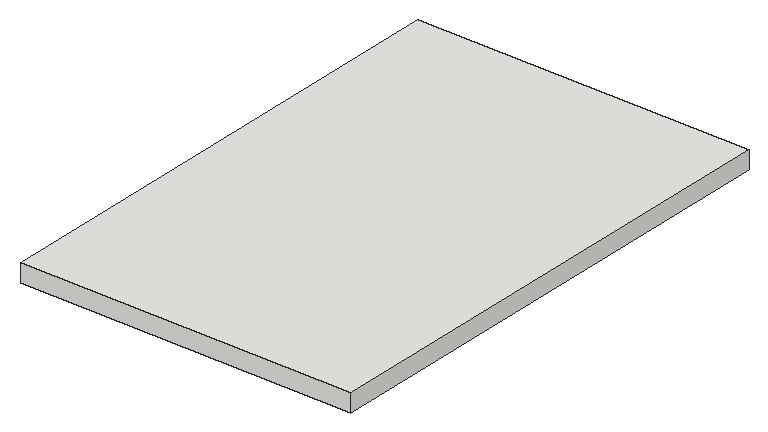
Revit family "SURVIVOR130xxWS840SAS0500x", category Leuchten, Revit 2019
Family settings
  Basisbauteil = Fläche
  Bemaßung runder Anschluss = Durchmesser verwenden
  Teiletyp = Normal
  OmniClass-Nummer = 23.80.70.11
  OmniClass-Titel = Luminaries for Internal Lighting
  Beim Laden mit Abzugskörper schneiden = Nein
  Lichtquelle = Ja
  Gemeinsam genutzt = Nein
  Raumberechnungspunkt = Nein
Parameters (values of type "SURVIVOR130NDWS840SAS0500-RF")
  width = 240 mm  # constant formula
  weight = "11"
  voltage type (AC, DC, UC) = "AC"
  rated input power = 34
  product name = "SURVIVOR130NDWS840SAS0500-RF"
  nominal voltage = "230"
  nominal frequency = "50-60Hz"
  length = 1300 mm  # constant formula
  ingress protection (IP) code = "IP65"
  height = 73 mm  # constant formula
  electrical safety class = "1"
  control gear = ""
  conformity mark = "CE"  # constant formula
  brand = "RIDI"
  approval mark = ""
  built-in parameter 1150104 = 13.8 (stored number, unit not read)
  Wattage = 30.4291 W
  Von Breite des Rechtecks ausssenden = 1228 mm
  Von Länge des Rechtecks aussenden = 181 mm  # constant formula
  Default Elevation = 0 mm
  built-in parameter 1150113 = 1 (stored number, unit not read)
  built-in parameter 1114218 = 1 (stored number, unit not read)
  URL = "www.ridi.de"
  built-in parameter 1150134 = 12
  built-in parameter 1150109 = 1 (stored number, unit not read)
  built-in parameter 1150110 = 1 (stored number, unit not read)
  Apparent Load = 34 VA
  Tilt Angle = 90.00°
  Modell = "0622216//420"
  built-in parameter 1114217 = 1 (stored number, unit not read)
  built-in parameter 1150139 = (empty or 0)
  built-in parameter 1150105 = 359.69 (stored number, unit not read)
  built-in parameter 1150114 = 1 (stored number, unit not read)
  Lumens = 4520 lm
  built-in parameter 1150115 = 1 (stored number, unit not read)
  built-in parameter 1150112 = 1 (stored number, unit not read)
  Lampe = "LED"
  Hersteller = "RIDI Leuchten GmbH"  # constant formula
  Dimming Lamp Color Temperature Shift = (empty or 0)
  Color Filter = 16777215
  built-in parameter 1150133 = 10 (stored number, unit not read)
  Emit Shape Visible in Rendering = no
  built-in parameter 1150137 = (empty or 0)
  built-in parameter 1150132 = 2
  Datei für fotometrisches Netz = "SURVIVOR_SAS.IES"
  Copyright = "© RIDI. All rights reserved."  # constant formula
  built-in parameter 1150106 = 3.5969 (stored number, unit not read)
  Baugruppenkennzeichen = "D5020200"
  built-in parameter 1150107 = 4000 (stored number, unit not read)
  built-in parameter 1150102 = (empty or 0)
  built-in parameter 1150138 = (empty or 0)
Types (3, lengths in mm): name | rated input power | product name | Apparent Load | Modell
  (no name) | 34 | "SURVIVOR130NDWS840SAS0500-RF" | 34 VA | "0622216//420"
  SURVIVOR130DAWS840SAS0500 | 35 | "SURVIVOR130DAWS840SAS0500" | 35 VA | "0632216"
  SURVIVOR130NDWS840SAS0500-RF | 34 | "SURVIVOR130NDWS840SAS0500-RF" | 34 VA | "0622216//420"
Reference planes
  plane 1 "Mitte (Vorne/hinten)": y = 0
  plane 2: z = 0
  plane 3 "Mitte (Links/rechts)": x = 0
  plane 4: z = 1200
Forms (mm)
  Extrusion 1, solid
    sketch origin (219.2, 280.8, 0) x (1, 0, 0) y (0, 1, 0)
      loop
        line (-1219.2, 1219.2) -> (-1219.2, -1780.8) -> (780.8, -1780.8) -> (780.8, 1219.2) -> (-1219.2, 1219.2)
    from 0 to -107.307
Dimensions and locks
  plane 4 to Extrusion 1 = 1200 mm
  aligned and locked: plane 2 to Extrusion 1
  aligned and locked: level to Extrusion 1
  aligned and locked: import instance to Extrusion 1
Connectors
  electrical at (53.526, -623.6, 2.275), driven by "Apparent Load"
    settings: on import instance, index 1, voltage 230 V, apparent load 0 VA, apparent load phase1 34 VA, apparent load phase2 0 VA, apparent load phase3 0 VA, power factor 1, load classification "Lighting", number of poles 1, system type 31, power factor state 1, is connector primary yes, connector utility no, sub classification motor no, connector description ""
